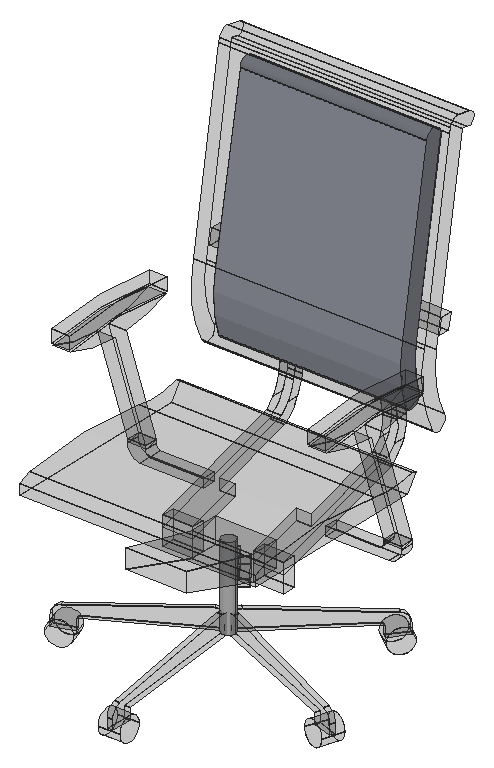
Revit family (continued)
Automatic sketch dimensions
  Extrusion 29 to Extrusion 53 sketch curve = 255.807 mm
  Extrusion 53 sketch curve to Extrusion 53 sketch curve = 1.783 mm
  Extrusion 53 sketch curve to Extrusion 53 sketch curve = 21.375 mm
  Extrusion 53 sketch curve to Extrusion 53 sketch curve = 3.104 mm
  Extrusion 53 sketch curve to Extrusion 53 sketch curve = 14.363 mm
  Extrusion 53 sketch curve to Extrusion 53 sketch curve = 16.061 mm
  Extrusion 53 sketch curve to Extrusion 53 sketch curve = 2.87 mm  (x2)
  Extrusion 53 sketch curve to Extrusion 53 sketch curve = 189.823 mm
  Extrusion 53 sketch curve to Extrusion 29 = 1026.854 mm
  Extrusion 29 to Extrusion 53 sketch curve = 827.495 mm
  Extrusion 53 sketch curve to Extrusion 53 sketch curve = 6.298 mm
  Extrusion 53 sketch curve to Extrusion 53 sketch curve = 16.645 mm
  Extrusion 53 sketch curve to Extrusion 53 sketch curve = 15.068 mm
  Extrusion 53 sketch curve to Extrusion 53 sketch curve = 10.112 mm
  Extrusion 54 sketch curve to Extrusion 54 sketch curve = 108.656 mm
  Extrusion 54 sketch curve to Extrusion 54 sketch curve = 19.639 mm
  Extrusion 54 sketch curve to Extrusion 54 sketch curve = 19.496 mm
  Extrusion 54 sketch curve to Extrusion 54 sketch curve = 7.718 mm
  Extrusion 54 sketch curve to Extrusion 54 sketch curve = 19.512 mm
  Extrusion 54 sketch curve to Extrusion 54 sketch curve = 17.684 mm
  Extrusion 55 sketch curve to Extrusion 55 sketch curve = 29.478 mm
  Extrusion 55 sketch curve to Extrusion 55 sketch curve = 17.684 mm
  Extrusion 55 sketch curve to Extrusion 55 sketch curve = 19.512 mm
  Extrusion 55 sketch curve to Extrusion 55 sketch curve = 69.521 mm
  Extrusion 55 sketch curve to Extrusion 55 sketch curve = 0.00 mm
  Extrusion 55 sketch curve to Extrusion 55 sketch curve = 19.496 mm
  Extrusion 56 sketch curve to Extrusion 53 = 43.247 mm
  Extrusion 53 to Extrusion 56 sketch curve = 406.976 mm
  Extrusion 56 sketch curve to Extrusion 56 sketch curve = 6.104 mm
  Extrusion 56 sketch curve to Extrusion 56 sketch curve = 25.56 mm
  Extrusion 56 sketch curve to Extrusion 56 sketch curve = 27.968 mm
  Extrusion 56 sketch curve to Extrusion 56 sketch curve = 34.62 mm
  Extrusion 29 sketch curve to Extrusion 29 sketch curve = 189.208 mm
  Extrusion 29 sketch curve to Extrusion 29 sketch curve = 2.133 mm
  Extrusion 29 sketch curve to Extrusion 29 sketch curve = 69.56 mm
  Extrusion 29 sketch curve to Extrusion 29 sketch curve = 2.379 mm
  Extrusion 30 sketch curve to Extrusion 30 sketch curve = 28.20 mm
  Extrusion 31 sketch curve to Extrusion 31 sketch curve = 1.097 mm
  Extrusion 31 sketch curve to Extrusion 31 sketch curve = 30.701 mm
  Extrusion 37 sketch curve to Extrusion 37 sketch curve = 52.283 mm
  Extrusion 37 sketch curve to Extrusion 37 sketch curve = 1.097 mm
  Extrusion 38 sketch curve to Extrusion 38 sketch curve = 1.097 mm
  Extrusion 38 sketch curve to Extrusion 38 sketch curve = 30.701 mm
  Extrusion 39 sketch curve to Extrusion 39 sketch curve = 52.283 mm
  Extrusion 39 sketch curve to Extrusion 39 sketch curve = 1.097 mm
  Extrusion 40 sketch curve to Extrusion 40 sketch curve = 266.70 mm
  Extrusion 40 sketch curve to Extrusion 40 sketch curve = 4.411 mm
  Extrusion 40 sketch curve to Extrusion 40 sketch curve = 30.701 mm
  Extrusion 41 sketch curve to Extrusion 41 sketch curve = 193.281 mm
  Extrusion 41 sketch curve to Extrusion 41 sketch curve = 0.00 mm
  Extrusion 41 sketch curve to Extrusion 41 sketch curve = 200.516 mm
  Extrusion 41 sketch curve to Extrusion 41 sketch curve = 246.719 mm
  Extrusion 41 sketch curve to Extrusion 41 sketch curve = 36.555 mm
  Extrusion 41 sketch curve to Extrusion 41 sketch curve = 25.459 mm
  Extrusion 42 sketch curve to Extrusion 42 sketch curve = 157.597 mm
  Extrusion 42 sketch curve to Extrusion 42 sketch curve = 51.415 mm
  Extrusion 42 sketch curve to Extrusion 42 sketch curve = 1.212 mm
  Extrusion 42 sketch curve to Extrusion 42 sketch curve = 217.458 mm
  Extrusion 42 sketch curve to Extrusion 42 sketch curve = 97.736 mm
  Extrusion 42 sketch curve to Extrusion 42 sketch curve = 46.592 mm
  Extrusion 42 sketch curve to Extrusion 42 sketch curve = 110.161 mm
  Extrusion 42 sketch curve to Extrusion 42 sketch curve = 222.197 mm
  Extrusion 45 sketch curve to Extrusion 45 sketch curve = 257.368 mm
  Extrusion 45 sketch curve to Extrusion 45 sketch curve = 31.354 mm
  Extrusion 45 sketch curve to Extrusion 45 sketch curve = 242.216 mm
  Extrusion 45 sketch curve to Extrusion 45 sketch curve = 148.724 mm
  Extrusion 48 sketch curve to Extrusion 48 sketch curve = 31.712 mm
  Extrusion 49 sketch curve to Extrusion 49 sketch curve = 30.943 mm
  Extrusion 49 sketch curve to Extrusion 49 sketch curve = 117.903 mm
  Extrusion 49 sketch curve to Extrusion 49 sketch curve = 141.123 mm
  Extrusion 49 sketch curve to Extrusion 49 sketch curve = 80.393 mm
  Extrusion 49 sketch curve to Extrusion 49 sketch curve = 31.42 mm
  Extrusion 49 sketch curve to Extrusion 49 sketch curve = 131.071 mm
  Extrusion 49 sketch curve to Extrusion 49 sketch curve = 331.662 mm
  Extrusion 49 sketch curve to Extrusion 49 sketch curve = 263.292 mm
  Extrusion 49 sketch curve to Extrusion 49 sketch curve = 446.677 mm
  Extrusion 50 sketch curve to Extrusion 50 sketch curve = 30.943 mm
  Extrusion 50 sketch curve to Extrusion 50 sketch curve = 117.903 mm
  Extrusion 50 sketch curve to Extrusion 50 sketch curve = 141.123 mm
  Extrusion 50 sketch curve to Extrusion 50 sketch curve = 80.393 mm
  Extrusion 50 sketch curve to Extrusion 50 sketch curve = 31.42 mm
  Extrusion 50 sketch curve to Extrusion 50 sketch curve = 131.071 mm
  Extrusion 50 sketch curve to Extrusion 50 sketch curve = 446.677 mm
  Extrusion 50 sketch curve to Extrusion 50 sketch curve = 271.041 mm
  Extrusion 2 sketch curve to Extrusion 2 sketch curve = 0.00 mm  (x2)
  Extrusion 4 sketch curve to Extrusion 4 sketch curve = 0.00 mm  (x2)
  Extrusion 5 sketch curve to Extrusion 5 sketch curve = 0.00 mm  (x2)
  Extrusion 6 sketch curve to Extrusion 6 sketch curve = 0.00 mm  (x2)
  Extrusion 7 sketch curve to Extrusion 7 sketch curve = 0.00 mm  (x2)
  Extrusion 8 sketch curve to Extrusion 8 sketch curve = 0.00 mm  (x2)
  Extrusion 30 sketch curve to Extrusion 30 sketch curve = 0.00 mm  (x2)
  Extrusion 32 sketch curve to Extrusion 32 sketch curve = 0.00 mm  (x2)
  Extrusion 33 sketch curve to Extrusion 33 sketch curve = 0.00 mm  (x2)
  Extrusion 34 sketch curve to Extrusion 34 sketch curve = 0.00 mm  (x2)
  Extrusion 35 sketch curve to Extrusion 35 sketch curve = 0.00 mm  (x2)
  Extrusion 36 sketch curve to Extrusion 36 sketch curve = 0.00 mm  (x2)
  Masking region 1 sketch curve to plane 1 "중심(앞/뒤)" = 110.55 mm  (x2)
  Masking region 1 sketch curve to Masking region 1 sketch curve = 48.314 mm  (x2)
  Masking region 1 sketch curve to Masking region 1 sketch curve = 30.59 mm  (x2)
  curve 2 to curve 15 = 32.327 mm
  curve 22 to curve 23 = 30.59 mm
  curve 31 to curve 10 = 14.718 mm
  curve 11 to curve 20 = 4.851 mm
  curve 12 to curve 29 = 4.851 mm
  curve 29 to curve 29 = 15.583 mm
  curve 43 to curve 22 = 2.187 mm
  Masking region 1 sketch curve to Masking region 1 sketch curve = 95.25 mm  (x2)
  Masking region 1 sketch curve to Masking region 1 sketch curve = 32.324 mm
  curve 42 to curve 42 = 32.324 mm
  Masking region 1 sketch curve to Masking region 1 sketch curve = 31.899 mm
  Masking region 1 sketch curve to Masking region 1 sketch curve = 19.13 mm
  curve 20 to curve 21 = 15.583 mm
  curve 38 to curve 38 = 31.899 mm
  Masking region 1 sketch curve to Masking region 1 sketch curve = 50.678 mm
  curve 14 to curve 6 = 18.358 mm
  curve 17 to curve 9 = 95.25 mm
  curve 5 to curve 39 = 19.122 mm
  Masking region 1 sketch curve to Masking region 1 sketch curve = 15.698 mm
  Masking region 1 sketch curve to Masking region 1 sketch curve = 19.122 mm
  Masking region 1 sketch curve to Masking region 1 sketch curve = 19.05 mm
  Masking region 1 sketch curve to Masking region 1 sketch curve = 12.70 mm
  Masking region 1 sketch curve to Masking region 1 sketch curve = 50.80 mm
  Masking region 1 sketch curve to Masking region 1 sketch curve = 190.50 mm
  Masking region 1 sketch curve to Masking region 1 sketch curve = 66.798 mm
  Masking region 1 sketch curve to Masking region 1 sketch curve = 50.674 mm
  Masking region 1 sketch curve to Masking region 1 sketch curve = 18.71 mm
  plane 4 to curve 12 = 79.95 mm
  curve 42 to curve 4 = 18.71 mm
  curve 13 to curve 16 = 95.25 mm
  curve 18 to curve 35 = 19.05 mm
  curve 32 to curve 33 = 12.70 mm
  curve 15 to curve 15 = 177.80 mm
  radius of Extrusion 26 sketch curve to Extrusion 25 = 0.00 mm  (x4)
  radius of Extrusion 27 sketch curve to Extrusion 25 = 0.00 mm  (x4)
  radius of Extrusion 54 sketch curve to Extrusion 53 = 0.00 mm  (x4)
  radius of Extrusion 55 sketch curve to Extrusion 53 = 0.00 mm  (x4)
